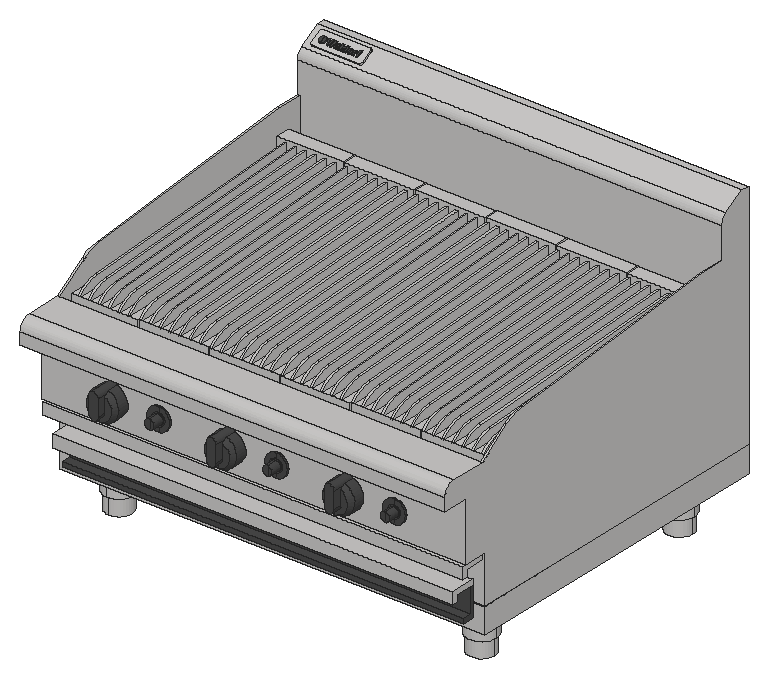
Revit family "QF_MOFFAT WALDORF_CH8900G-B", category Specialty Equipment, Revit 2012
Parameters
  Weight in Pounds = 0
  URL Cutsheet = "www.moffat.com"
  URL = "www.moffat.com"
  Type Mark [instance] = ""
  Status [instance] = ""
  Specification by User [instance] = ""
  Specification by Manufacturer = ""
  Show Logo [instance] = yes
  Serial Number = ""
  Seismic Rating = ""
  SMACNA No = ""
  Revision Code [instance] = ""
  Omniclass Number and Title = ""
  NAFEM Spec ID Number = ""
  Model = "CH8900G-B"
  Mechanical Remarks [instance] = ""
  Mechanical Connection Type [instance] = ""
  Masterspec = ""
  Manufacturer = "MOFFAT WALDORF"
  Item Number [instance] = ""
  Installed By [instance] = ""
  Identify Quantity as Lot [instance] = yes
  Gas Size = 3/4"
  Gas RI Height [instance] = 0 mm
  Gas KW [instance] = 27.7
  Gas Input [instance] = 94782.0 Btu/h
  Gas Connection Height = 0 mm
  Furnished By [instance] = ""
  Foodservice Equipment Identifier [instance] = yes
  Description = "CHARGRILL BENCH MOUNT"
  CSI MasterFormat = ""
  CSI Master Format = ""
  Body Finish = QF_Finishes_Stainless Steel
Reference planes
  plane 1 "BACK": y = 0
  plane 2: z = 0
  plane 3 "LEFT": x = 0
  plane 4 "RIGHT": x = 900
  plane 5 "FRONT": y = -805
  plane 6 "TOP": z = 630
  plane 7 "Center Y": x = 450
  plane 8 "Center X": y = -402.5
Forms (mm)
  Extrusion 1, solid, material "QF_Finishes_Stainless Steel" <- "Body Finish"
    sketch origin (0, 0, 0) x (0, 1, 0) y (0, 0, 1)
      loop
        line (-805, 391) -> (-805, 366) -> (-749, 366) -> (-749, 240) -> (-699, 240) -> (-699, 140) -> (0, 140) -> (0, 630) -> (-16.5, 630) -> (-58.709, 605.631)
        arc (-58.709, 605.631) -> (-66.975, 597.365) -> (-70, 586.074) r 22.582
        line (-70, 586.074) -> (-70, 375) -> (-705, 375) -> (-705, 415) -> (-781, 415)
        arc (-781, 415) -> (-797.971, 407.971) -> (-805, 391) r 24
      loop
        line (0, 85) -> (0, 139.206) -> (-699, 139.206) -> (-699, 85) -> (0, 85)
    from 0 to 900
  Revolve 2, solid, material "QF_Finishes_Stainless Steel" <- "Body Finish"
    sketch origin (424.5, -625, 0) x (1, 0, 0) y (0, 0, -1)
      loop
        line (378.25, -85) -> (410, -85) -> (410, 0) -> (382.5, 0) -> (382.5, -35) -> (378.25, -35) -> (378.25, -85)
      axis (410, -85) -> (410, 0)
    angle from 0 to 360
  Revolve 3, solid, material "QF_Finishes_Stainless Steel" <- "Body Finish"
    sketch origin (424.5, -100, 0) x (1, 0, 0) y (0, 0, -1)
      loop
        line (378.25, -85) -> (410, -85) -> (410, 0) -> (382.5, 0) -> (382.5, -35) -> (378.25, -35) -> (378.25, -85)
      axis (410, -85) -> (410, 0)
    angle from 0 to 360
  Revolve 4, solid, material "QF_Finishes_Stainless Steel" <- "Body Finish"
    sketch origin (65.5, -735, 0) x (0, 1, 0) y (0, 0, 1)
      loop
        line (78.25, 85) -> (78.25, 35) -> (82.5, 35) -> (82.5, 0) -> (110, 0) -> (110, 85) -> (78.25, 85)
      axis (110, 85) -> (110, 0)
    angle from 0 to 360
  Revolve 5, solid, material "QF_Finishes_Stainless Steel" <- "Body Finish"
    sketch origin (65.5, -210, 0) x (0, 1, 0) y (0, 0, 1)
      loop
        line (78.25, 85) -> (78.25, 35) -> (82.5, 35) -> (82.5, 0) -> (110, 0) -> (110, 85) -> (78.25, 85)
      axis (110, 85) -> (110, 0)
    angle from 0 to 360
  Extrusion 6, solid, material "QF_Finishes_Stainless Steel" <- "Body Finish"
    sketch origin (0, 0, 0) x (0, 1, 0) y (0, 0, 1)
      loop
        line (-121.455, 519.2) -> (-600.057, 473.116)
        arc (-600.057, 473.116) -> (-620.977, 468.81) -> (-640.506, 460.159) r 100
        line (-640.506, 460.159) -> (-705, 415) -> (-705, 375) -> (-70, 375) -> (-70, 519.2) -> (-121.455, 519.2)
    from 0 to 4.5
  Extrusion 7, solid, material "QF_Finishes_Stainless Steel" <- "Body Finish"
    sketch origin (900, 0, 0) x (0, 1, 0) y (0, 0, -1)
      loop
        line (-121.455, -519.2) -> (-70, -519.2) -> (-70, -375) -> (-705, -375) -> (-705, -415) -> (-640.506, -460.159)
        arc (-640.506, -460.159) -> (-620.977, -468.81) -> (-600.057, -473.116) r 100
        line (-600.057, -473.116) -> (-121.455, -519.2)
    from 0 to 3
  Revolve 8, solid, material "QF_Finishes_Black"
    sketch origin (158, 0, 0) x (0, 1, 0) y (0, 0, 1)
      loop
        line (-782, 329.5) -> (-793, 323.651) -> (-793, 297) -> (-749, 297) -> (-749, 302) -> (-759, 302) -> (-759, 329.5) -> (-782, 329.5)
      axis (-793, 297) -> (-749, 297)
    angle from 0 to 360
  Extrusion 9, solid, material "QF_Finishes_Black"
    sketch origin (19.888, 0, 0) x (1, 0, 0) y (0, 0, 1)
      loop
        line (148.3, 289) -> (148.3, 324)
        arc (148.3, 324) -> (138.3, 334) -> (128.3, 324) r 10
        line (128.3, 324) -> (128.3, 289)
        arc (128.3, 289) -> (138.3, 279) -> (148.3, 289) r 10
    from 759 to 808
  Revolve 10, solid, material "QF_Finishes_Black"
    sketch origin (408.244, 0, 0) x (0, 1, 0) y (0, 0, -1)
      loop
        line (-782, -329.5) -> (-759, -329.5) -> (-759, -302) -> (-749, -302) -> (-749, -297) -> (-793, -297) -> (-793, -323.651) -> (-782, -329.5)
      axis (-793, -297) -> (-749, -297)
    angle from 0 to 360
  Extrusion 11, solid, material "QF_Finishes_Black"
    sketch origin (396.356, 0, 0) x (-1, 0, 0) y (0, 0, -1)
      loop
        arc (-1.7, -289) -> (-11.7, -279) -> (-21.7, -289) r 10
        line (-21.7, -289) -> (-21.7, -324)
        arc (-21.7, -324) -> (-11.7, -334) -> (-1.7, -324) r 10
        line (-1.7, -324) -> (-1.7, -289)
    from 759 to 808
  Revolve 12, solid, material "QF_Finishes_Black"
    sketch origin (258.187, 0, 0) x (0, 1, 0) y (0, 0, 1)
      loop
        line (-759, 302) -> (-759, 321) -> (-761.705, 321) -> (-761.705, 309.85) -> (-762.85, 309.85) -> (-762.85, 306.825) -> (-784.88, 306.825) -> (-784.88, 297) -> (-749, 297) -> (-749, 302) -> (-759, 302)
      axis (-749, 297) -> (-784.88, 297)
    angle from 0 to 360
  Revolve 13, solid, material "QF_Finishes_Black"
    sketch origin (508, 0, 0) x (0, 1, 0) y (0, 0, 1)
      loop
        line (-759, 302) -> (-759, 321) -> (-761.705, 321) -> (-761.705, 309.85) -> (-762.85, 309.85) -> (-762.85, 306.825) -> (-784.88, 306.825) -> (-784.88, 297) -> (-749, 297) -> (-749, 302) -> (-759, 302)
      axis (-749, 297) -> (-784.88, 297)
    angle from 0 to 360
  Extrusion 14, solid, material "QF_Finishes_Stainless Steel"
    sketch origin (276, 0, 0) x (0, 1, 0) y (0, 0, 1)
      loop
        line (-132, 410.364) -> (-132, 462.849) -> (-630.852, 432.53)
        arc (-630.852, 432.53) -> (-656.098, 425.97) -> (-677, 410.364) r 67.81
        line (-677, 410.364) -> (-132, 410.364)
    from 0 to 4.5
  Extrusion 15, solid, material "QF_Finishes_Stainless Steel"
    sketch origin (255, 0, 0) x (0, 1, 0) y (0, 0, 1)
      loop
        line (-132, 410.364) -> (-132, 462.849) -> (-630.852, 432.53)
        arc (-630.852, 432.53) -> (-656.098, 425.97) -> (-677, 410.364) r 67.81
        line (-677, 410.364) -> (-132, 410.364)
    from 0 to 4.5
  Extrusion 16, solid, material "QF_Finishes_Stainless Steel"
    sketch origin (234, 0, 0) x (0, 1, 0) y (0, 0, 1)
      loop
        line (-132, 410.364) -> (-132, 462.849) -> (-630.852, 432.53)
        arc (-630.852, 432.53) -> (-656.098, 425.97) -> (-677, 410.364) r 67.81
        line (-677, 410.364) -> (-132, 410.364)
    from 0 to 4.5
  Extrusion 17, solid, material "QF_Finishes_Stainless Steel"
    sketch origin (213, 0, 0) x (0, 1, 0) y (0, 0, 1)
      loop
        line (-132, 410.364) -> (-132, 462.849) -> (-630.852, 432.53)
        arc (-630.852, 432.53) -> (-656.098, 425.97) -> (-677, 410.364) r 67.81
        line (-677, 410.364) -> (-132, 410.364)
    from 0 to 4.5
  Extrusion 18, solid, material "QF_Finishes_Stainless Steel"
    sketch origin (192, 0, 0) x (0, 1, 0) y (0, 0, 1)
      loop
        line (-132, 410.364) -> (-132, 462.849) -> (-630.852, 432.53)
        arc (-630.852, 432.53) -> (-656.098, 425.97) -> (-677, 410.364) r 67.81
        line (-677, 410.364) -> (-132, 410.364)
    from 0 to 4.5
  Extrusion 19, solid, material "QF_Finishes_Stainless Steel"
    sketch origin (171, 0, 0) x (0, 1, 0) y (0, 0, 1)
      loop
        line (-132, 410.364) -> (-132, 462.849) -> (-630.852, 432.53)
        arc (-630.852, 432.53) -> (-656.098, 425.97) -> (-677, 410.364) r 67.81
        line (-677, 410.364) -> (-132, 410.364)
    from 0 to 4.5
  Extrusion 20, solid, material "QF_Finishes_Stainless Steel"
    sketch origin (150, 0, 0) x (0, 1, 0) y (0, 0, 1)
      loop
        line (-132, 410.364) -> (-132, 462.849) -> (-630.852, 432.53)
        arc (-630.852, 432.53) -> (-656.098, 425.97) -> (-677, 410.364) r 67.81
        line (-677, 410.364) -> (-132, 410.364)
    from 0 to 4.5
  Extrusion 21, solid, material "QF_Finishes_Stainless Steel"
    sketch origin (126, 0, 0) x (0, 1, 0) y (0, 0, 1)
      loop
        line (-132, 410.364) -> (-132, 462.849) -> (-630.852, 432.53)
        arc (-630.852, 432.53) -> (-656.098, 425.97) -> (-677, 410.364) r 67.81
        line (-677, 410.364) -> (-132, 410.364)
    from 0 to 4.5
  Extrusion 22, solid, material "QF_Finishes_Stainless Steel"
    sketch origin (105, 0, 0) x (0, 1, 0) y (0, 0, 1)
      loop
        line (-132, 410.364) -> (-132, 462.849) -> (-630.852, 432.53)
        arc (-630.852, 432.53) -> (-656.098, 425.97) -> (-677, 410.364) r 67.81
        line (-677, 410.364) -> (-132, 410.364)
    from 0 to 4.5
  Extrusion 23, solid, material "QF_Finishes_Stainless Steel"
    sketch origin (84, 0, 0) x (0, 1, 0) y (0, 0, 1)
      loop
        line (-132, 410.364) -> (-132, 462.849) -> (-630.852, 432.53)
        arc (-630.852, 432.53) -> (-656.098, 425.97) -> (-677, 410.364) r 67.81
        line (-677, 410.364) -> (-132, 410.364)
    from 0 to 4.5
  Extrusion 24, solid, material "QF_Finishes_Stainless Steel"
    sketch origin (63, 0, 0) x (0, 1, 0) y (0, 0, 1)
      loop
        line (-132, 410.364) -> (-132, 462.849) -> (-630.852, 432.53)
        arc (-630.852, 432.53) -> (-656.098, 425.97) -> (-677, 410.364) r 67.81
        line (-677, 410.364) -> (-132, 410.364)
    from 0 to 4.5
  Extrusion 25, solid, material "QF_Finishes_Stainless Steel"
    sketch origin (42, 0, 0) x (0, 1, 0) y (0, 0, 1)
      loop
        line (-132, 410.364) -> (-132, 462.849) -> (-630.852, 432.53)
        arc (-630.852, 432.53) -> (-656.098, 425.97) -> (-677, 410.364) r 67.81
        line (-677, 410.364) -> (-132, 410.364)
    from 0 to 4.5
  Extrusion 26, solid, material "QF_Finishes_Stainless Steel"
    sketch origin (21, 0, 0) x (0, 1, 0) y (0, 0, 1)
      loop
        line (-132, 410.364) -> (-132, 462.849) -> (-630.852, 432.53)
        arc (-630.852, 432.53) -> (-656.098, 425.97) -> (-677, 410.364) r 67.81
        line (-677, 410.364) -> (-132, 410.364)
    from 0 to 4.5
  Extrusion 27, solid, material "QF_Finishes_Stainless Steel"
    sketch origin (426, 0, 0) x (0, 1, 0) y (0, 0, 1)
      loop
        line (-132, 410.364) -> (-132, 462.849) -> (-630.852, 432.53)
        arc (-630.852, 432.53) -> (-656.098, 425.97) -> (-677, 410.364) r 67.81
        line (-677, 410.364) -> (-132, 410.364)
    from 0 to 4.5
  Extrusion 28, solid, material "QF_Finishes_Stainless Steel"
    sketch origin (405, 0, 0) x (0, 1, 0) y (0, 0, 1)
      loop
        line (-132, 410.364) -> (-132, 462.849) -> (-630.852, 432.53)
        arc (-630.852, 432.53) -> (-656.098, 425.97) -> (-677, 410.364) r 67.81
        line (-677, 410.364) -> (-132, 410.364)
    from 0 to 4.5
  Extrusion 29, solid, material "QF_Finishes_Stainless Steel"
    sketch origin (384, 0, 0) x (0, 1, 0) y (0, 0, 1)
      loop
        line (-132, 410.364) -> (-132, 462.849) -> (-630.852, 432.53)
        arc (-630.852, 432.53) -> (-656.098, 425.97) -> (-677, 410.364) r 67.81
        line (-677, 410.364) -> (-132, 410.364)
    from 0 to 4.5
  Extrusion 30, solid, material "QF_Finishes_Stainless Steel"
    sketch origin (363, 0, 0) x (0, 1, 0) y (0, 0, 1)
      loop
        line (-132, 410.364) -> (-132, 462.849) -> (-630.852, 432.53)
        arc (-630.852, 432.53) -> (-656.098, 425.97) -> (-677, 410.364) r 67.81
        line (-677, 410.364) -> (-132, 410.364)
    from 0 to 4.5
  Extrusion 31, solid, material "QF_Finishes_Stainless Steel"
    sketch origin (342, 0, 0) x (0, 1, 0) y (0, 0, 1)
      loop
        line (-132, 410.364) -> (-132, 462.849) -> (-630.852, 432.53)
        arc (-630.852, 432.53) -> (-656.098, 425.97) -> (-677, 410.364) r 67.81
        line (-677, 410.364) -> (-132, 410.364)
    from 0 to 4.5
  Extrusion 32, solid, material "QF_Finishes_Stainless Steel"
    sketch origin (321, 0, 0) x (0, 1, 0) y (0, 0, 1)
      loop
        line (-132, 410.364) -> (-132, 462.849) -> (-630.852, 432.53)
        arc (-630.852, 432.53) -> (-656.098, 425.97) -> (-677, 410.364) r 67.81
        line (-677, 410.364) -> (-132, 410.364)
    from 0 to 4.5
  Extrusion 33, solid, material "QF_Finishes_Stainless Steel"
    sketch origin (300, 0, 0) x (0, 1, 0) y (0, 0, 1)
      loop
        line (-132, 410.364) -> (-132, 462.849) -> (-630.852, 432.53)
        arc (-630.852, 432.53) -> (-656.098, 425.97) -> (-677, 410.364) r 67.81
        line (-677, 410.364) -> (-132, 410.364)
    from 0 to 4.5
  Extrusion 34, solid, material "QF_Finishes_Stainless Steel"
    sketch origin (576, 0, 0) x (0, 1, 0) y (0, 0, 1)
      loop
        line (-132, 410.364) -> (-132, 462.849) -> (-630.852, 432.53)
        arc (-630.852, 432.53) -> (-656.098, 425.97) -> (-677, 410.364) r 67.81
        line (-677, 410.364) -> (-132, 410.364)
    from 0 to 4.5
  Extrusion 35, solid, material "QF_Finishes_Stainless Steel"
    sketch origin (555, 0, 0) x (0, 1, 0) y (0, 0, 1)
      loop
        line (-132, 410.364) -> (-132, 462.849) -> (-630.852, 432.53)
        arc (-630.852, 432.53) -> (-656.098, 425.97) -> (-677, 410.364) r 67.81
        line (-677, 410.364) -> (-132, 410.364)
    from 0 to 4.5
  Extrusion 36, solid, material "QF_Finishes_Stainless Steel"
    sketch origin (534, 0, 0) x (0, 1, 0) y (0, 0, 1)
      loop
        line (-132, 410.364) -> (-132, 462.849) -> (-630.852, 432.53)
        arc (-630.852, 432.53) -> (-656.098, 425.97) -> (-677, 410.364) r 67.81
        line (-677, 410.364) -> (-132, 410.364)
    from 0 to 4.5
  Extrusion 37, solid, material "QF_Finishes_Stainless Steel"
    sketch origin (513, 0, 0) x (0, 1, 0) y (0, 0, 1)
      loop
        line (-132, 410.364) -> (-132, 462.849) -> (-630.852, 432.53)
        arc (-630.852, 432.53) -> (-656.098, 425.97) -> (-677, 410.364) r 67.81
        line (-677, 410.364) -> (-132, 410.364)
    from 0 to 4.5
  Extrusion 38, solid, material "QF_Finishes_Stainless Steel"
    sketch origin (492, 0, 0) x (0, 1, 0) y (0, 0, 1)
      loop
        line (-132, 410.364) -> (-132, 462.849) -> (-630.852, 432.53)
        arc (-630.852, 432.53) -> (-656.098, 425.97) -> (-677, 410.364) r 67.81
        line (-677, 410.364) -> (-132, 410.364)
    from 0 to 4.5
  Extrusion 39, solid, material "QF_Finishes_Stainless Steel"
    sketch origin (471, 0, 0) x (0, 1, 0) y (0, 0, 1)
      loop
        line (-132, 410.364) -> (-132, 462.849) -> (-630.852, 432.53)
        arc (-630.852, 432.53) -> (-656.098, 425.97) -> (-677, 410.364) r 67.81
        line (-677, 410.364) -> (-132, 410.364)
    from 0 to 4.5
  Extrusion 40, solid, material "QF_Finishes_Stainless Steel"
    sketch origin (450, 0, 0) x (0, 1, 0) y (0, 0, 1)
      loop
        line (-132, 410.364) -> (-132, 462.849) -> (-630.852, 432.53)
        arc (-630.852, 432.53) -> (-656.098, 425.97) -> (-677, 410.364) r 67.81
        line (-677, 410.364) -> (-132, 410.364)
    from 0 to 4.5
  Extrusion 41, solid, material "QF_Finishes_Stainless Steel"
    sketch origin (1, 3, -500) x (1, 0, 0) y (0, 1, 0)
      loop
        circle (215, -35) r 13.5
    from 555 to 585
  Extrusion 42, solid, material "QF_Finishes_Black"
    sketch origin (1, 0, 0) x (0, 1, 0) y (0, 0, 1)
      loop
        line (-704, 171.797) -> (-704, 118.047) -> (-724, 118.047) -> (-724, 108.047) -> (-685.346, 108.047) -> (-685.346, 171.797) -> (-704, 171.797)
    from 24.12 to 874.007
  Extrusion 43, solid, material "QF_Finishes_Stainless Steel"
    sketch origin (0, 0, 0) x (0, 1, 0) y (0, 0, 1)
      loop
        line (-751.27, 211.219) -> (-741.27, 211.219) -> (-741.27, 226.219) -> (-699, 226.219) -> (-699, 236.219) -> (-751.27, 236.219) -> (-751.27, 211.219)
    from 5.013 to 895
  Extrusion 44, solid, material "QF_Finishes_Stainless Steel"
    sketch origin (0, 0, -54.422) x (0, 1, 0) y (0, 0, 1)
      loop
        line (-751.27, 211.219) -> (-741.27, 211.219) -> (-741.27, 226.219) -> (-685.346, 226.219) -> (-685.346, 236.219) -> (-751.27, 236.219) -> (-751.27, 211.219)
    from 25.12 to 875.007
  Extrusion 45, solid, material "QF_Finishes_Stainless Steel"
    sketch origin (0, 0, 0) x (0, 1, 0) y (0, 0, 1)
      loop
        line (-132, 410.364) -> (-677, 410.364) -> (-677, 375) -> (-102, 375) -> (-102, 470) -> (-132, 470) -> (-132, 410.364)
    from 4.5 to 147
  Extrusion 46, solid, material "QF_Finishes_Stainless Steel"
    sketch origin (145.5, 0, 0) x (0, 1, 0) y (0, 0, 1)
      loop
        line (-132, 410.364) -> (-677, 410.364) -> (-677, 375) -> (-102, 375) -> (-102, 470) -> (-132, 470) -> (-132, 410.364)
    from 4.5 to 151.5
  Extrusion 47, solid, material "QF_Finishes_Stainless Steel"
    sketch origin (295.5, 0, 0) x (0, 1, 0) y (0, 0, 1)
      loop
        line (-132, 410.364) -> (-677, 410.364) -> (-677, 375) -> (-102, 375) -> (-102, 470) -> (-132, 470) -> (-132, 410.364)
    from 4.5 to 151.5
  Extrusion 48, solid, material "QF_Finishes_Stainless Steel"
    sketch origin (445.5, 0, 0) x (0, 1, 0) y (0, 0, 1)
      loop
        line (-132, 410.364) -> (-677, 410.364) -> (-677, 375) -> (-102, 375) -> (-102, 470) -> (-132, 470) -> (-132, 410.364)
    from 4.5 to 151.5
  Extrusion 49, solid, material "QF_Finishes_Stainless Steel"
    sketch origin (726, 0, 0) x (0, 1, 0) y (0, 0, 1)
      loop
        line (-132, 410.364) -> (-132, 462.849) -> (-630.852, 432.53)
        arc (-630.852, 432.53) -> (-656.098, 425.97) -> (-677, 410.364) r 67.81
        line (-677, 410.364) -> (-132, 410.364)
    from 0 to 4.5
  Extrusion 50, solid, material "QF_Finishes_Stainless Steel"
    sketch origin (705, 0, 0) x (0, 1, 0) y (0, 0, 1)
      loop
        line (-132, 410.364) -> (-132, 462.849) -> (-630.852, 432.53)
        arc (-630.852, 432.53) -> (-656.098, 425.97) -> (-677, 410.364) r 67.81
        line (-677, 410.364) -> (-132, 410.364)
    from 0 to 4.5
  Extrusion 51, solid, material "QF_Finishes_Stainless Steel"
    sketch origin (684, 0, 0) x (0, 1, 0) y (0, 0, 1)
      loop
        line (-132, 410.364) -> (-132, 462.849) -> (-630.852, 432.53)
        arc (-630.852, 432.53) -> (-656.098, 425.97) -> (-677, 410.364) r 67.81
        line (-677, 410.364) -> (-132, 410.364)
    from 0 to 4.5
  Extrusion 52, solid, material "QF_Finishes_Stainless Steel"
    sketch origin (663, 0, 0) x (0, 1, 0) y (0, 0, 1)
      loop
        line (-132, 410.364) -> (-132, 462.849) -> (-630.852, 432.53)
        arc (-630.852, 432.53) -> (-656.098, 425.97) -> (-677, 410.364) r 67.81
        line (-677, 410.364) -> (-132, 410.364)
    from 0 to 4.5
  Extrusion 53, solid, material "QF_Finishes_Stainless Steel"
    sketch origin (642, 0, 0) x (0, 1, 0) y (0, 0, 1)
      loop
        line (-132, 410.364) -> (-132, 462.849) -> (-630.852, 432.53)
        arc (-630.852, 432.53) -> (-656.098, 425.97) -> (-677, 410.364) r 67.81
        line (-677, 410.364) -> (-132, 410.364)
    from 0 to 4.5
  Extrusion 54, solid, material "QF_Finishes_Stainless Steel"
    sketch origin (621, 0, 0) x (0, 1, 0) y (0, 0, 1)
      loop
        line (-132, 410.364) -> (-132, 462.849) -> (-630.852, 432.53)
        arc (-630.852, 432.53) -> (-656.098, 425.97) -> (-677, 410.364) r 67.81
        line (-677, 410.364) -> (-132, 410.364)
    from 0 to 4.5
  Extrusion 55, solid, material "QF_Finishes_Stainless Steel"
    sketch origin (600, 0, 0) x (0, 1, 0) y (0, 0, 1)
      loop
        line (-132, 410.364) -> (-132, 462.849) -> (-630.852, 432.53)
        arc (-630.852, 432.53) -> (-656.098, 425.97) -> (-677, 410.364) r 67.81
        line (-677, 410.364) -> (-132, 410.364)
    from 0 to 4.5
  Extrusion 56, solid, material "QF_Finishes_Stainless Steel"
    sketch origin (595.5, 0, 0) x (0, 1, 0) y (0, 0, 1)
      loop
        line (-132, 410.364) -> (-677, 410.364) -> (-677, 375) -> (-102, 375) -> (-102, 470) -> (-132, 470) -> (-132, 410.364)
    from 4.5 to 151.5
  Extrusion 57, solid, material "QF_Finishes_Stainless Steel"
    sketch origin (876, 0, 0) x (0, 1, 0) y (0, 0, 1)
      loop
        line (-132, 410.364) -> (-132, 462.849) -> (-630.852, 432.53)
        arc (-630.852, 432.53) -> (-656.098, 425.97) -> (-677, 410.364) r 67.81
        line (-677, 410.364) -> (-132, 410.364)
    from 0 to 4.5
  Extrusion 58, solid, material "QF_Finishes_Stainless Steel"
    sketch origin (855, 0, 0) x (0, 1, 0) y (0, 0, 1)
      loop
        line (-132, 410.364) -> (-132, 462.849) -> (-630.852, 432.53)
        arc (-630.852, 432.53) -> (-656.098, 425.97) -> (-677, 410.364) r 67.81
        line (-677, 410.364) -> (-132, 410.364)
    from 0 to 4.5
  Extrusion 59, solid, material "QF_Finishes_Stainless Steel"
    sketch origin (834, 0, 0) x (0, 1, 0) y (0, 0, 1)
      loop
        line (-132, 410.364) -> (-132, 462.849) -> (-630.852, 432.53)
        arc (-630.852, 432.53) -> (-656.098, 425.97) -> (-677, 410.364) r 67.81
        line (-677, 410.364) -> (-132, 410.364)
    from 0 to 4.5
  Extrusion 60, solid, material "QF_Finishes_Stainless Steel"
    sketch origin (813, 0, 0) x (0, 1, 0) y (0, 0, 1)
      loop
        line (-132, 410.364) -> (-132, 462.849) -> (-630.852, 432.53)
        arc (-630.852, 432.53) -> (-656.098, 425.97) -> (-677, 410.364) r 67.81
        line (-677, 410.364) -> (-132, 410.364)
    from 0 to 4.5
  Extrusion 61, solid, material "QF_Finishes_Stainless Steel"
    sketch origin (792, 0, 0) x (0, 1, 0) y (0, 0, 1)
      loop
        line (-132, 410.364) -> (-132, 462.849) -> (-630.852, 432.53)
        arc (-630.852, 432.53) -> (-656.098, 425.97) -> (-677, 410.364) r 67.81
        line (-677, 410.364) -> (-132, 410.364)
    from 0 to 4.5
  Extrusion 62, solid, material "QF_Finishes_Stainless Steel"
    sketch origin (771, 0, 0) x (0, 1, 0) y (0, 0, 1)
      loop
        line (-132, 410.364) -> (-132, 462.849) -> (-630.852, 432.53)
        arc (-630.852, 432.53) -> (-656.098, 425.97) -> (-677, 410.364) r 67.81
        line (-677, 410.364) -> (-132, 410.364)
    from 0 to 4.5
  Extrusion 63, solid, material "QF_Finishes_Stainless Steel"
    sketch origin (750, 0, 0) x (0, 1, 0) y (0, 0, 1)
      loop
        line (-132, 410.364) -> (-132, 462.849) -> (-630.852, 432.53)
        arc (-630.852, 432.53) -> (-656.098, 425.97) -> (-677, 410.364) r 67.81
        line (-677, 410.364) -> (-132, 410.364)
    from 0 to 4.5
  Extrusion 64, solid, material "QF_Finishes_Stainless Steel"
    sketch origin (745.5, 0, 0) x (0, 1, 0) y (0, 0, 1)
      loop
        line (-132, 410.364) -> (-677, 410.364) -> (-677, 375) -> (-102, 375) -> (-102, 470) -> (-132, 470) -> (-132, 410.364)
    from 4.5 to 151.5
  Revolve 65, solid, material "QF_Finishes_Black"
    sketch origin (658.244, 0, 0) x (0, 1, 0) y (0, 0, -1)
      loop
        line (-782, -329.5) -> (-759, -329.5) -> (-759, -302) -> (-749, -302) -> (-749, -297) -> (-793, -297) -> (-793, -323.651) -> (-782, -329.5)
      axis (-793, -297) -> (-749, -297)
    angle from 0 to 360
  Extrusion 66, solid, material "QF_Finishes_Black"
    sketch origin (646.356, 0, 0) x (-1, 0, 0) y (0, 0, -1)
      loop
        arc (-1.7, -289) -> (-11.7, -279) -> (-21.7, -289) r 10
        line (-21.7, -289) -> (-21.7, -324)
        arc (-21.7, -324) -> (-11.7, -334) -> (-1.7, -324) r 10
        line (-1.7, -324) -> (-1.7, -289)
    from 759 to 808
  Revolve 67, solid, material "QF_Finishes_Black"
    sketch origin (758, 0, 0) x (0, 1, 0) y (0, 0, 1)
      loop
        line (-759, 302) -> (-759, 321) -> (-761.705, 321) -> (-761.705, 309.85) -> (-762.85, 309.85) -> (-762.85, 306.825) -> (-784.88, 306.825) -> (-784.88, 297) -> (-749, 297) -> (-749, 302) -> (-759, 302)
      axis (-749, 297) -> (-784.88, 297)
    angle from 0 to 360
Cuts and joins
  joined: Revolve 8, Extrusion 9
  joined: Revolve 10, Extrusion 11
  joined: Extrusion 1, Extrusion 6, Extrusion 7
Lines and regions (mm)
  Split face 1
    outline origin (0, -16.5, 630) x (0, -0.866025, -0.5) y (1, 0, 0)
      loop
        line (1.962, 129.583) -> (34.599, 129.583) -> (34.599, 149.583) -> (1.962, 149.583) -> (1.962, 129.583)
  Split face 2
    outline origin (0, -16.5, 630) x (0, -0.866025, -0.5) y (1, 0, 0)
      loop
        line (34.599, 156.5) -> (34.599, 176.5) -> (1.962, 176.5) -> (1.962, 156.5) -> (34.599, 156.5)
  Split face 3
    outline origin (0, -16.5, 630) x (0, -0.866025, -0.5) y (1, 0, 0)
      loop
        line (34.599, 203.5) -> (1.962, 203.5) -> (1.962, 183.5) -> (34.599, 183.5) -> (34.599, 203.5)
  Split face 4
    outline origin (0, -16.5, 630) x (0, -0.866025, -0.5) y (1, 0, 0)
      loop
        line (34.599, 230.5) -> (1.962, 230.5) -> (1.962, 210.5) -> (34.599, 210.5) -> (34.599, 230.5)
  Split face 5
    outline origin (0, -16.5, 630) x (0, -0.866025, -0.5) y (1, 0, 0)
      loop
        line (34.599, 257.5) -> (1.962, 257.5) -> (1.962, 237.5) -> (34.599, 237.5) -> (34.599, 257.5)
  Split face 6
    outline origin (0, -16.5, 630) x (0, -0.866025, -0.5) y (1, 0, 0)
      loop
        line (34.599, 264.5) -> (34.599, 284.5) -> (1.962, 284.5) -> (1.962, 264.5) -> (34.599, 264.5)
  Split face 7
    outline origin (0, -16.5, 630) x (0, -0.866025, -0.5) y (1, 0, 0)
      loop
        line (34.599, 311.5) -> (1.962, 311.5) -> (1.962, 291.5) -> (34.599, 291.5) -> (34.599, 311.5)
  Split face 8
    outline origin (0, -16.5, 630) x (0, -0.866025, -0.5) y (1, 0, 0)
      loop
        line (1.962, 338.5) -> (1.962, 318.5) -> (34.599, 318.5) -> (34.599, 338.5) -> (1.962, 338.5)
  Split face 9
    outline origin (0, -16.5, 630) x (0, -0.866025, -0.5) y (1, 0, 0)
      loop
        line (1.962, 345.5) -> (34.599, 345.5) -> (34.599, 365.5) -> (1.962, 365.5) -> (1.962, 345.5)
  Split face 10
    outline origin (0, -16.5, 630) x (0, -0.866025, -0.5) y (1, 0, 0)
      loop
        line (34.599, 372.579) -> (34.599, 392.579) -> (1.962, 392.579) -> (1.962, 372.579) -> (34.599, 372.579)
  Split face 11
    outline origin (0, -16.5, 630) x (0, -0.866025, -0.5) y (1, 0, 0)
      loop
        line (34.599, 399.534) -> (34.599, 419.534) -> (1.962, 419.534) -> (1.962, 399.534) -> (34.599, 399.534)
  Split face 12
    outline origin (900, -699, 240) x (-1, 0, 0) y (0, 0, -1)
      loop
        line (874.88, 98.75) -> (24.993, 98.75) -> (24.993, 1.25) -> (874.88, 1.25) -> (874.88, 98.75)
  Split face 13
    outline origin (27, -16.5, 630) x (0, -0.866025, -0.5) y (1, 0, 0)
      loop
        line (34.599, 399.534) -> (34.599, 419.534) -> (1.962, 419.534) -> (1.962, 399.534) -> (34.599, 399.534)
  Split face 14
    outline origin (54, -16.5, 630) x (0, -0.866025, -0.5) y (1, 0, 0)
      loop
        line (34.599, 399.534) -> (34.599, 419.534) -> (1.962, 419.534) -> (1.962, 399.534) -> (34.599, 399.534)
  Split face 15
    outline origin (81, -16.5, 630) x (0, -0.866025, -0.5) y (1, 0, 0)
      loop
        line (34.599, 399.534) -> (34.599, 419.534) -> (1.962, 419.534) -> (1.962, 399.534) -> (34.599, 399.534)
  Split face 16
    outline origin (108, -16.5, 630) x (0, -0.866025, -0.5) y (1, 0, 0)
      loop
        line (34.599, 399.534) -> (34.599, 419.534) -> (1.962, 419.534) -> (1.962, 399.534) -> (34.599, 399.534)
  Split face 17
    outline origin (135, -16.5, 630) x (0, -0.866025, -0.5) y (1, 0, 0)
      loop
        line (34.599, 399.534) -> (34.599, 419.534) -> (1.962, 419.534) -> (1.962, 399.534) -> (34.599, 399.534)
  Split face 18
    outline origin (162, -16.5, 630) x (0, -0.866025, -0.5) y (1, 0, 0)
      loop
        line (34.599, 399.534) -> (34.599, 419.534) -> (1.962, 419.534) -> (1.962, 399.534) -> (34.599, 399.534)
  Split face 19
    outline origin (189, -16.5, 630) x (0, -0.866025, -0.5) y (1, 0, 0)
      loop
        line (34.599, 399.534) -> (34.599, 419.534) -> (1.962, 419.534) -> (1.962, 399.534) -> (34.599, 399.534)
  Split face 20
    outline origin (216, -16.5, 630) x (0, -0.866025, -0.5) y (1, 0, 0)
      loop
        line (34.599, 399.534) -> (34.599, 419.534) -> (1.962, 419.534) -> (1.962, 399.534) -> (34.599, 399.534)
  Split face 21
    outline origin (243, -16.5, 630) x (0, -0.866025, -0.5) y (1, 0, 0)
      loop
        line (34.599, 399.534) -> (34.599, 419.534) -> (1.962, 419.534) -> (1.962, 399.534) -> (34.599, 399.534)
  Split face 22
    outline origin (270, -16.5, 630) x (0, -0.866025, -0.5) y (1, 0, 0)
      loop
        line (34.599, 399.534) -> (34.599, 419.534) -> (1.962, 419.534) -> (1.962, 399.534) -> (34.599, 399.534)
  Split face 23
    outline origin (297, -16.5, 630) x (0, -0.866025, -0.5) y (1, 0, 0)
      loop
        line (34.599, 399.534) -> (34.599, 419.534) -> (1.962, 419.534) -> (1.962, 399.534) -> (34.599, 399.534)
  Split face 24
    outline origin (324, -16.5, 630) x (0, -0.866025, -0.5) y (1, 0, 0)
      loop
        line (34.599, 399.534) -> (34.599, 419.534) -> (1.962, 419.534) -> (1.962, 399.534) -> (34.599, 399.534)
  Split face 25
    outline origin (351, -16.5, 630) x (0, -0.866025, -0.5) y (1, 0, 0)
      loop
        line (34.599, 399.534) -> (34.599, 419.534) -> (1.962, 419.534) -> (1.962, 399.534) -> (34.599, 399.534)
  symbolic lines
    curve 1: line (0, 0, 0) -> (0, -805, 0)
    curve 2: line (900, 0, 0) -> (0, 0, 0)
    curve 3: line (900, -805, 0) -> (900, 0, 0)
    curve 4: line (0, -70, 0) -> (900, -70, 0)
    curve 5: line (0, -805, 0) -> (900, -805, 0)
    curve 6: line (12.5, -51.234, 0) -> (12.5, -20.958, 0)
    curve 7: line (12.5, -20.958, 0) -> (121.5, -20.958, 0)
    curve 8: line (12.5, -51.234, 0) -> (121.5, -51.234, 0)
    curve 9: line (121.5, -20.958, 0) -> (121.5, -51.234, 0)
    curve 10: line (129.583, -22.262, 0) -> (129.583, -50.526, 0)
    curve 11: line (129.583, -50.526, 0) -> (149.583, -50.526, 0)
    curve 12: line (149.583, -50.526, 0) -> (149.583, -22.262, 0)
    curve 13: line (149.583, -22.262, 0) -> (129.583, -22.262, 0)
    curve 14: line (156.5, -22.262, 0) -> (156.5, -50.526, 0)
    curve 15: line (156.5, -50.526, 0) -> (176.5, -50.526, 0)
    curve 16: line (176.5, -50.526, 0) -> (176.5, -22.262, 0)
    curve 17: line (176.5, -22.262, 0) -> (156.5, -22.262, 0)
    curve 18: line (183.5, -22.262, 0) -> (183.5, -50.526, 0)
    curve 19: line (183.5, -50.526, 0) -> (203.5, -50.526, 0)
    curve 20: line (203.5, -50.526, 0) -> (203.5, -22.262, 0)
    curve 21: line (203.5, -22.262, 0) -> (183.5, -22.262, 0)
    curve 22: line (210.5, -22.262, 0) -> (210.5, -50.526, 0)
    curve 23: line (210.5, -50.526, 0) -> (230.5, -50.526, 0)
    curve 24: line (230.5, -50.526, 0) -> (230.5, -22.262, 0)
    curve 25: line (230.5, -22.262, 0) -> (210.5, -22.262, 0)
    curve 26: line (237.5, -22.262, 0) -> (237.5, -50.526, 0)
    curve 27: line (237.5, -50.526, 0) -> (257.5, -50.526, 0)
    curve 28: line (257.5, -50.526, 0) -> (257.5, -22.262, 0)
    curve 29: line (257.5, -22.262, 0) -> (237.5, -22.262, 0)
    curve 30: line (264.5, -22.262, 0) -> (264.5, -50.526, 0)
    curve 31: line (264.5, -50.526, 0) -> (284.5, -50.526, 0)
    curve 32: line (284.5, -50.526, 0) -> (284.5, -22.262, 0)
    curve 33: line (284.5, -22.262, 0) -> (264.5, -22.262, 0)
    curve 34: line (291.5, -22.262, 0) -> (291.5, -50.526, 0)
    curve 35: line (291.5, -50.526, 0) -> (311.5, -50.526, 0)
    curve 36: line (311.5, -50.526, 0) -> (311.5, -22.262, 0)
    curve 37: line (311.5, -22.262, 0) -> (291.5, -22.262, 0)
    curve 38: line (318.5, -22.262, 0) -> (318.5, -50.526, 0)
    curve 39: line (318.5, -50.526, 0) -> (338.5, -50.526, 0)
    curve 40: line (338.5, -50.526, 0) -> (338.5, -22.262, 0)
    curve 41: line (338.5, -22.262, 0) -> (318.5, -22.262, 0)
    curve 42: line (345.5, -22.262, 0) -> (345.5, -50.526, 0)
    curve 43: line (345.5, -50.526, 0) -> (365.5, -50.526, 0)
    curve 44: line (365.5, -50.526, 0) -> (365.5, -22.262, 0)
    curve 45: line (365.5, -22.262, 0) -> (345.5, -22.262, 0)
    curve 46: line (372.5, -22.262, 0) -> (372.5, -50.526, 0)
    curve 47: line (372.5, -50.526, 0) -> (392.5, -50.526, 0)
    curve 48: line (392.5, -50.526, 0) -> (392.5, -22.262, 0)
    curve 49: line (392.5, -22.262, 0) -> (372.5, -22.262, 0)
    curve 50: line (399.5, -22.262, 0) -> (399.5, -50.526, 0)
    curve 51: line (399.5, -50.526, 0) -> (419.5, -50.526, 0)
    curve 52: line (419.5, -50.526, 0) -> (419.5, -22.262, 0)
    curve 53: line (419.5, -22.262, 0) -> (399.5, -22.262, 0)
    curve 54: line (426.5, -22.262, 0) -> (426.5, -50.526, 0)
    curve 55: line (426.5, -50.526, 0) -> (446.5, -50.526, 0)
    curve 56: line (446.5, -50.526, 0) -> (446.5, -22.262, 0)
    curve 57: line (446.5, -22.262, 0) -> (426.5, -22.262, 0)
    curve 58: line (453.5, -22.262, 0) -> (453.5, -50.526, 0)
    curve 59: line (453.5, -50.526, 0) -> (473.5, -50.526, 0)
    curve 60: line (473.5, -50.526, 0) -> (473.5, -22.262, 0)
    curve 61: line (473.5, -22.262, 0) -> (453.5, -22.262, 0)
    curve 62: line (900, -705, 0) -> (0, -705, 0)
    curve 63: line (4.5, -705, 0) -> (4.5, -70, 0)
    curve 64: line (897, -70, 0) -> (897, -705, 0)
    curve 65: line (480.5, -22.262, 0) -> (480.5, -50.526, 0)
    curve 66: line (480.5, -50.526, 0) -> (500.5, -50.526, 0)
    curve 67: line (500.5, -50.526, 0) -> (500.5, -22.262, 0)
    curve 68: line (500.5, -22.262, 0) -> (480.5, -22.262, 0)
    curve 69: line (507.5, -22.262, 0) -> (507.5, -50.526, 0)
    curve 70: line (507.5, -50.526, 0) -> (527.5, -50.526, 0)
    curve 71: line (527.5, -50.526, 0) -> (527.5, -22.262, 0)
    curve 72: line (527.5, -22.262, 0) -> (507.5, -22.262, 0)
    curve 73: line (534.5, -22.262, 0) -> (534.5, -50.526, 0)
    curve 74: line (534.5, -50.526, 0) -> (554.5, -50.526, 0)
    curve 75: line (554.5, -50.526, 0) -> (554.5, -22.262, 0)
    curve 76: line (554.5, -22.262, 0) -> (534.5, -22.262, 0)
    curve 77: line (561.5, -22.262, 0) -> (561.5, -50.526, 0)
    curve 78: line (561.5, -50.526, 0) -> (581.5, -50.526, 0)
    curve 79: line (581.5, -50.526, 0) -> (581.5, -22.262, 0)
    curve 80: line (581.5, -22.262, 0) -> (561.5, -22.262, 0)
    curve 81: line (588.5, -22.262, 0) -> (588.5, -50.526, 0)
    curve 82: line (588.5, -50.526, 0) -> (608.5, -50.526, 0)
    curve 83: line (608.5, -50.526, 0) -> (608.5, -22.262, 0)
    curve 84: line (608.5, -22.262, 0) -> (588.5, -22.262, 0)
    curve 85: line (615.5, -22.262, 0) -> (615.5, -50.526, 0)
    curve 86: line (615.5, -50.526, 0) -> (635.5, -50.526, 0)
    curve 87: line (635.5, -50.526, 0) -> (635.5, -22.262, 0)
    curve 88: line (635.5, -22.262, 0) -> (615.5, -22.262, 0)
    curve 89: line (642.5, -22.262, 0) -> (642.5, -50.526, 0)
    curve 90: line (642.5, -50.526, 0) -> (662.5, -50.526, 0)
    curve 91: line (662.5, -50.526, 0) -> (662.5, -22.262, 0)
    curve 92: line (662.5, -22.262, 0) -> (642.5, -22.262, 0)
    curve 93: line (669.5, -22.262, 0) -> (669.5, -50.526, 0)
    curve 94: line (669.5, -50.526, 0) -> (689.5, -50.526, 0)
    curve 95: line (689.5, -50.526, 0) -> (689.5, -22.262, 0)
    curve 96: line (689.5, -22.262, 0) -> (669.5, -22.262, 0)
    curve 97: line (696.5, -22.262, 0) -> (696.5, -50.526, 0)
    curve 98: line (696.5, -50.526, 0) -> (716.5, -50.526, 0)
    curve 99: line (716.5, -50.526, 0) -> (716.5, -22.262, 0)
    curve 100: line (716.5, -22.262, 0) -> (696.5, -22.262, 0)
    curve 101: line (723.5, -22.262, 0) -> (723.5, -50.526, 0)
    curve 102: line (723.5, -50.526, 0) -> (743.5, -50.526, 0)
    curve 103: line (743.5, -50.526, 0) -> (743.5, -22.262, 0)
    curve 104: line (743.5, -22.262, 0) -> (723.5, -22.262, 0)
    curve 105: line (750.5, -22.262, 0) -> (750.5, -50.526, 0)
    curve 106: line (750.5, -50.526, 0) -> (770.5, -50.526, 0)
    curve 107: line (770.5, -50.526, 0) -> (770.5, -22.262, 0)
    curve 108: line (770.5, -22.262, 0) -> (750.5, -22.262, 0)
Dimensions and locks
  equal spacing: plane 3 "LEFT", plane 7 "Center Y", plane 4 "RIGHT"
  plane 3 "LEFT" to plane 4 "RIGHT" = 900 mm
  equal spacing: plane 5 "FRONT", plane 8 "Center X", plane 1 "BACK"
  plane 5 "FRONT" to plane 1 "BACK" = 805 mm  (x2)
  equal spacing: plane 4 "RIGHT", plane 7 "Center Y", plane 3 "LEFT"
  plane 4 "RIGHT" to plane 3 "LEFT" = 900 mm
  plane 6 "TOP" to level = 630 mm  (x2)
  cut or joined group of Extrusion 1, Extrusion 6, Extrusion 7 to level = 415 mm
  Extrusion 41 to level = 55 mm
  Extrusion 41 to plane 1 "BACK" = 32 mm
  cut or joined group of Extrusion 1, Extrusion 6, Extrusion 7 to plane 1 "BACK" = 70 mm
  level to cut or joined group of Extrusion 1, Extrusion 6, Extrusion 7 = 85 mm
  locked: plane 3 "LEFT" to Extrusion 41 sketch curve at 216
  Revolve 2 sketch curve to Revolve 2 sketch curve to Revolve 2 sketch curve = 27.5 mm locked, 4.25 mm locked
  locked: Revolve 2 sketch curve to plane 4 "RIGHT" at 65.5
  Revolve 3 sketch curve to Revolve 3 sketch curve to Revolve 3 sketch curve = 4.25 mm locked, 27.5 mm locked
  locked: Revolve 3 sketch curve to plane 4 "RIGHT" at 65.5
  aligned and locked: level to plane 2
  aligned and locked: curve 3 to plane 4 "RIGHT"
  aligned and locked: Extrusion 42 to Extrusion 44
  aligned and locked: cut or joined group of Extrusion 1, Extrusion 6, Extrusion 7 to plane 4 "RIGHT"
  aligned and locked: Revolve 2 sketch curve to Revolve 2 sketch curve
  aligned and locked: Revolve 3 sketch curve to Revolve 3 sketch curve
Automatic sketch dimensions
  plane 1 "BACK" to curve 1 = 0 mm
  curve 1 to plane 3 "LEFT" = 0 mm
  plane 5 "FRONT" to curve 1 = 0 mm
  plane 3 "LEFT" to curve 63 = 4.5 mm
  plane 3 "LEFT" to curve 8 = 12.5 mm
  plane 1 "BACK" to curve 7 = 20.958 mm
  curve 6 to curve 7 = 109 mm
  curve 8 to curve 11 = 8.083 mm
  curve 10 to curve 13 = 20 mm
  curve 11 to curve 15 = 6.917 mm
  curve 14 to curve 15 = 20 mm
  curve 15 to curve 19 = 7 mm
  curve 18 to curve 21 = 20 mm
  curve 19 to curve 23 = 7 mm
  curve 22 to curve 25 = 20 mm
  curve 23 to curve 27 = 7 mm
  curve 26 to curve 29 = 20 mm
  curve 28 to curve 33 = 7 mm
  curve 30 to curve 31 = 20 mm
  curve 31 to curve 35 = 7 mm
  curve 34 to curve 35 = 20 mm
  curve 35 to curve 38 = 7 mm
  curve 38 to curve 41 = 20 mm
  curve 40 to curve 45 = 7 mm
  curve 42 to curve 43 = 20 mm
  curve 43 to curve 47 = 7 mm
  curve 46 to curve 47 = 20 mm
  curve 47 to curve 51 = 7 mm
  curve 50 to curve 51 = 20 mm
  curve 51 to curve 55 = 7 mm
  curve 55 to plane 7 "Center Y" = 3.5 mm
  plane 7 "Center Y" to curve 58 = 3.5 mm
  curve 58 to curve 59 = 20 mm
  curve 59 to curve 65 = 7 mm
  curve 65 to curve 68 = 20 mm
  curve 66 to curve 69 = 7 mm
  curve 69 to curve 71 = 20 mm
  curve 70 to curve 74 = 7 mm
  curve 73 to curve 74 = 20 mm
  curve 74 to curve 78 = 7 mm
  curve 77 to curve 79 = 20 mm
  curve 78 to curve 81 = 7 mm
  curve 81 to curve 82 = 20 mm
  curve 83 to curve 88 = 7 mm
  curve 85 to curve 87 = 20 mm
  curve 87 to curve 89 = 7 mm
  curve 89 to curve 91 = 20 mm
  curve 90 to curve 93 = 7 mm
  curve 93 to curve 95 = 20 mm
  curve 94 to curve 98 = 7 mm
  curve 97 to curve 99 = 20 mm
  curve 98 to curve 101 = 7 mm
  curve 101 to curve 104 = 20 mm
  curve 102 to curve 105 = 7 mm
  curve 105 to curve 106 = 20 mm
  plane 4 "RIGHT" to curve 64 = 3 mm
  curve 62 to plane 5 "FRONT" = 100 mm
  plane 1 "BACK" to curve 4 = 70 mm
  curve 9 to curve 7 = 30.277 mm
  plane 1 "BACK" to curve 101 = 50.526 mm
  curve 102 to curve 105 = 0 mm
  curve 99 to curve 101 = 0 mm  (x2)
  curve 8 to curve 10 = 0.709 mm
  curve 95 to curve 97 = 0 mm  (x2)
  curve 11 to curve 14 = 0 mm
  curve 91 to curve 93 = 0 mm  (x2)
  curve 15 to curve 18 = 0 mm
  curve 87 to curve 89 = 0 mm  (x2)
  curve 19 to curve 22 = 0 mm
  curve 83 to curve 85 = 0 mm  (x2)
  curve 23 to curve 26 = 0 mm
  curve 79 to curve 81 = 0 mm  (x2)
  curve 27 to curve 30 = 0 mm
  curve 75 to curve 77 = 0 mm  (x2)
  curve 31 to curve 34 = 0 mm
  curve 71 to curve 73 = 0 mm  (x2)
  curve 35 to curve 38 = 0 mm
  curve 67 to curve 69 = 0 mm  (x2)
  curve 39 to curve 42 = 0 mm
  curve 43 to curve 46 = 0 mm
  curve 47 to curve 50 = 0 mm
  curve 51 to curve 55 = 0 mm
  curve 60 to curve 65 = 0 mm  (x2)
  plane 1 "BACK" to curve 57 = 22.262 mm
  curve 56 to curve 58 = 0 mm
  plane 1 "BACK" to curve 108 = 22.262 mm
  plane 1 "BACK" to curve 53 = 22.262 mm
  plane 1 "BACK" to curve 49 = 22.262 mm
  plane 1 "BACK" to curve 45 = 22.262 mm
  plane 1 "BACK" to curve 41 = 22.262 mm
  plane 1 "BACK" to curve 37 = 22.262 mm
  plane 1 "BACK" to curve 33 = 22.262 mm
  plane 1 "BACK" to curve 29 = 22.262 mm
  plane 1 "BACK" to curve 25 = 22.262 mm
  plane 1 "BACK" to curve 21 = 22.262 mm
  plane 1 "BACK" to curve 17 = 22.262 mm
  curve 13 to curve 7 = 1.304 mm
  Extrusion 1 sketch curve to plane 5 "FRONT" = 0 mm
  Extrusion 1 sketch curve to plane 6 "TOP" = 0 mm
  Extrusion 1 sketch curve to plane 1 "BACK" = 0 mm  (x2)
  Extrusion 1 sketch curve to plane 5 "FRONT" = 24 mm
  Extrusion 1 sketch curve to plane 5 "FRONT" = 56 mm
  Extrusion 1 sketch curve to Extrusion 1 sketch curve = 44 mm
  Extrusion 1 sketch curve to plane 5 "FRONT" = 106 mm
  Extrusion 1 sketch curve to Extrusion 1 sketch curve = 0 mm
  plane 1 "BACK" to Extrusion 1 sketch curve = 70 mm
  Extrusion 1 sketch curve to plane 6 "TOP" = 24.369 mm
  Extrusion 1 sketch curve to Extrusion 1 sketch curve = 11.291 mm  (x2)
  Extrusion 1 sketch curve to Extrusion 1 sketch curve = 16.5 mm
  Extrusion 1 sketch curve to plane 6 "TOP" = 215 mm
  Extrusion 1 sketch curve to Extrusion 1 sketch curve = 211.074 mm
  Extrusion 1 sketch curve to Extrusion 1 sketch curve = 25 mm
  Extrusion 1 sketch curve to Extrusion 1 sketch curve = 135 mm
  level to Extrusion 1 sketch curve = 140 mm
  Extrusion 1 sketch curve to Extrusion 1 sketch curve = 0.794 mm
  Extrusion 1 sketch curve to Extrusion 1 sketch curve = 54.206 mm
  Revolve 2 sketch curve to level = 0 mm
  level to Revolve 2 sketch curve = 35 mm
  Revolve 2 sketch curve to Revolve 2 sketch curve = 15 mm
  Revolve 2 sketch curve to Revolve 2 sketch curve = 35 mm
  Revolve 2 sketch curve to Revolve 2 sketch curve = 55 mm
  Extrusion 1 to Split face 1 sketch curve = 1.962 mm
  Split face 1 sketch curve to Extrusion 1 = 14.14 mm
  Split face 1 sketch curve to Extrusion 1 = 129.583 mm
  Split face 1 sketch curve to Split face 1 sketch curve = 20 mm
  Extrusion 1 to Split face 2 sketch curve = 1.962 mm
  Split face 2 sketch curve to Extrusion 1 = 14.14 mm
  Split face 2 sketch curve to Extrusion 1 = 156.5 mm
  Split face 2 sketch curve to Split face 2 sketch curve = 20 mm
  Extrusion 1 to Split face 3 sketch curve = 1.962 mm
  Split face 3 sketch curve to Extrusion 1 = 14.14 mm
  Split face 3 sketch curve to Extrusion 1 = 183.5 mm
  Split face 3 sketch curve to Split face 3 sketch curve = 20 mm
  Extrusion 1 to Split face 4 sketch curve = 1.962 mm
  Split face 4 sketch curve to Extrusion 1 = 14.14 mm
  Split face 4 sketch curve to Extrusion 1 = 210.5 mm
  Split face 4 sketch curve to Split face 4 sketch curve = 20 mm
  Extrusion 1 to Split face 5 sketch curve = 1.962 mm
  Split face 5 sketch curve to Extrusion 1 = 14.14 mm
  Split face 5 sketch curve to Extrusion 1 = 237.5 mm
  Split face 5 sketch curve to Split face 5 sketch curve = 20 mm
  Extrusion 1 to Split face 6 sketch curve = 1.962 mm
  Split face 6 sketch curve to Extrusion 1 = 14.14 mm
  Split face 6 sketch curve to Extrusion 1 = 264.5 mm
  Split face 6 sketch curve to Split face 6 sketch curve = 20 mm
  Extrusion 1 to Split face 7 sketch curve = 1.962 mm
  Split face 7 sketch curve to Extrusion 1 = 14.14 mm
  Split face 7 sketch curve to Extrusion 1 = 291.5 mm
  Split face 7 sketch curve to Split face 7 sketch curve = 20 mm
  Extrusion 1 to Split face 8 sketch curve = 1.962 mm
  Split face 8 sketch curve to Extrusion 1 = 14.14 mm
  Split face 8 sketch curve to Extrusion 1 = 318.5 mm
  Split face 8 sketch curve to Split face 8 sketch curve = 20 mm
  Extrusion 1 to Split face 9 sketch curve = 1.962 mm
  Split face 9 sketch curve to Extrusion 1 = 14.14 mm
  Split face 9 sketch curve to Extrusion 1 = 345.5 mm
  Split face 9 sketch curve to Split face 9 sketch curve = 20 mm
  Extrusion 1 to Split face 10 sketch curve = 1.962 mm
  Split face 10 sketch curve to Extrusion 1 = 14.14 mm
  Split face 10 sketch curve to Extrusion 1 = 372.579 mm
  Split face 10 sketch curve to Split face 10 sketch curve = 20 mm
  Extrusion 1 to Split face 11 sketch curve = 1.962 mm
  Split face 11 sketch curve to Extrusion 1 = 14.14 mm
  Split face 11 sketch curve to Extrusion 1 = 399.534 mm
  Split face 11 sketch curve to Split face 11 sketch curve = 20 mm
  Revolve 3 sketch curve to level = 0 mm
  level to Revolve 3 sketch curve = 35 mm
  Revolve 3 sketch curve to Revolve 3 sketch curve = 15 mm
  Revolve 3 sketch curve to Revolve 3 sketch curve = 35 mm
  Revolve 3 sketch curve to Revolve 3 sketch curve = 55 mm
  Revolve 4 sketch curve to level = 0 mm
  level to Revolve 4 sketch curve = 35 mm
  Revolve 4 sketch curve to plane 5 "FRONT" = 148.25 mm
  Revolve 4 sketch curve to Revolve 4 sketch curve = 4.25 mm
  Revolve 4 sketch curve to Revolve 4 sketch curve = 27.5 mm  (x2)
  Revolve 4 sketch curve to Revolve 4 sketch curve = 55 mm
  Revolve 4 sketch curve to Revolve 4 sketch curve = 15 mm
  Revolve 4 sketch curve to Revolve 4 sketch curve = 35 mm
  Revolve 5 sketch curve to level = 0 mm
  level to Revolve 5 sketch curve = 35 mm
  plane 1 "BACK" to Revolve 5 sketch curve = 131.75 mm
  Revolve 5 sketch curve to Revolve 5 sketch curve = 4.25 mm
  Revolve 5 sketch curve to Revolve 5 sketch curve = 27.5 mm  (x2)
  Revolve 5 sketch curve to Revolve 5 sketch curve = 55 mm
  Revolve 5 sketch curve to Revolve 5 sketch curve = 15 mm
  Revolve 5 sketch curve to Revolve 5 sketch curve = 35 mm
  Extrusion 6 sketch curve to plane 5 "FRONT" = 100 mm
  Extrusion 6 sketch curve to Extrusion 6 sketch curve = 64.494 mm
  Extrusion 6 sketch curve to Extrusion 6 sketch curve = 40.449 mm
  Extrusion 6 sketch curve to Extrusion 6 sketch curve = 9.585 mm
  plane 1 "BACK" to Extrusion 6 sketch curve = 121.455 mm
  Extrusion 6 sketch curve to Extrusion 6 sketch curve = 51.455 mm
  Extrusion 6 sketch curve to plane 6 "TOP" = 256.424 mm
  Extrusion 6 sketch curve to Extrusion 6 sketch curve = 1.424 mm
  Extrusion 6 sketch curve to Extrusion 6 sketch curve = 40 mm
  Extrusion 6 sketch curve to Extrusion 6 sketch curve = 45.159 mm
  Extrusion 6 sketch curve to plane 6 "TOP" = 110.8 mm
  Extrusion 7 sketch curve to plane 5 "FRONT" = 100 mm
  Extrusion 7 sketch curve to Extrusion 7 sketch curve = 64.494 mm
  Extrusion 7 sketch curve to Extrusion 7 sketch curve = 40.449 mm
  Extrusion 7 sketch curve to Extrusion 7 sketch curve = 50.034 mm
  plane 1 "BACK" to Extrusion 7 sketch curve = 121.455 mm
  Extrusion 7 sketch curve to Extrusion 7 sketch curve = 51.455 mm
  Extrusion 7 sketch curve to plane 6 "TOP" = 110.8 mm
  Extrusion 7 sketch curve to plane 6 "TOP" = 156.884 mm
  Extrusion 7 sketch curve to Extrusion 7 sketch curve = 12.957 mm
  Extrusion 7 sketch curve to Extrusion 7 sketch curve = 45.159 mm
  Extrusion 7 sketch curve to Extrusion 7 sketch curve = 40 mm
  Revolve 8 sketch curve to plane 5 "FRONT" = 12 mm
  Revolve 8 sketch curve to Revolve 8 sketch curve = 0 mm  (x2)
  Revolve 8 sketch curve to Revolve 8 sketch curve = 11 mm
  Revolve 8 sketch curve to Revolve 8 sketch curve = 12.7 mm
  Revolve 8 sketch curve to Revolve 8 sketch curve = 23 mm
  Revolve 8 sketch curve to Revolve 8 sketch curve = 10 mm
  level to Revolve 8 sketch curve = 297 mm
  Revolve 8 sketch curve to Revolve 8 sketch curve = 5 mm
  Revolve 8 sketch curve to Revolve 8 sketch curve = 26.651 mm
  Revolve 8 sketch curve to Revolve 8 sketch curve = 5.849 mm
  plane 3 "LEFT" to Extrusion 9 sketch curve = 148.187 mm
  Extrusion 9 sketch curve to Extrusion 9 sketch curve = 10 mm
  level to Extrusion 9 sketch curve = 289 mm
  Extrusion 9 sketch curve to Extrusion 9 sketch curve = 35 mm
  Revolve 10 sketch curve to plane 5 "FRONT" = 12 mm
  Revolve 10 sketch curve to Revolve 10 sketch curve = 0 mm  (x2)
  Revolve 10 sketch curve to Revolve 10 sketch curve = 11 mm
  Revolve 10 sketch curve to Revolve 10 sketch curve = 12.7 mm
  Revolve 10 sketch curve to Revolve 10 sketch curve = 23 mm
  Revolve 10 sketch curve to Revolve 10 sketch curve = 10 mm
  Revolve 10 sketch curve to plane 6 "TOP" = 300.5 mm
  Revolve 10 sketch curve to Revolve 10 sketch curve = 5.849 mm
  Revolve 10 sketch curve to Revolve 10 sketch curve = 27.5 mm
  Revolve 10 sketch curve to Revolve 10 sketch curve = 5 mm
  Extrusion 11 sketch curve to plane 7 "Center Y" = 31.944 mm
  Extrusion 11 sketch curve to Extrusion 11 sketch curve = 10 mm
  Extrusion 11 sketch curve to plane 6 "TOP" = 306 mm
  Extrusion 11 sketch curve to Extrusion 11 sketch curve = 35 mm
  Revolve 12 sketch curve to plane 5 "FRONT" = 20.12 mm
  Revolve 12 sketch curve to Revolve 12 sketch curve = 6.83 mm
  Revolve 12 sketch curve to Revolve 12 sketch curve = 15.2 mm
  Revolve 12 sketch curve to Revolve 12 sketch curve = 1.144 mm
  Revolve 12 sketch curve to Revolve 12 sketch curve = 3.85 mm
  Revolve 12 sketch curve to Revolve 12 sketch curve = 0 mm  (x2)
  Revolve 12 sketch curve to Revolve 12 sketch curve = 10 mm
  level to Revolve 12 sketch curve = 297 mm
  Revolve 12 sketch curve to Revolve 12 sketch curve = 5 mm
  Revolve 12 sketch curve to Revolve 12 sketch curve = 4.825 mm
  Revolve 12 sketch curve to Revolve 12 sketch curve = 3.025 mm
  Revolve 12 sketch curve to Revolve 12 sketch curve = 11.15 mm
  Revolve 13 sketch curve to plane 5 "FRONT" = 20.12 mm
  Revolve 13 sketch curve to Revolve 13 sketch curve = 6.83 mm
  Revolve 13 sketch curve to Revolve 13 sketch curve = 15.2 mm
  Revolve 13 sketch curve to Revolve 13 sketch curve = 1.144 mm
  Revolve 13 sketch curve to Revolve 13 sketch curve = 3.85 mm
  Revolve 13 sketch curve to Revolve 13 sketch curve = 0 mm  (x2)
  Revolve 13 sketch curve to Revolve 13 sketch curve = 10 mm
  level to Revolve 13 sketch curve = 297 mm
  Revolve 13 sketch curve to Revolve 13 sketch curve = 5 mm
  Revolve 13 sketch curve to Revolve 13 sketch curve = 4.825 mm
  Revolve 13 sketch curve to Revolve 13 sketch curve = 3.025 mm
  Revolve 13 sketch curve to Revolve 13 sketch curve = 11.15 mm
  Extrusion 14 sketch curve to plane 5 "FRONT" = 128 mm
  Extrusion 14 sketch curve to Extrusion 14 sketch curve = 46.148 mm
  Extrusion 14 sketch curve to Extrusion 14 sketch curve = 4.114 mm
  plane 1 "BACK" to Extrusion 14 sketch curve = 132 mm
  Extrusion 14 sketch curve to plane 6 "TOP" = 265.155 mm
  Extrusion 14 sketch curve to plane 6 "TOP" = 219.636 mm
  Extrusion 14 sketch curve to Extrusion 14 sketch curve = 52.486 mm
  Extrusion 15 sketch curve to plane 5 "FRONT" = 128 mm
  Extrusion 15 sketch curve to Extrusion 15 sketch curve = 46.148 mm
  Extrusion 15 sketch curve to Extrusion 15 sketch curve = 50.262 mm
  plane 1 "BACK" to Extrusion 15 sketch curve = 132 mm
  Extrusion 15 sketch curve to plane 6 "TOP" = 265.155 mm
  Extrusion 15 sketch curve to plane 6 "TOP" = 219.636 mm
  Extrusion 15 sketch curve to Extrusion 15 sketch curve = 52.486 mm
  Extrusion 16 sketch curve to plane 5 "FRONT" = 128 mm
  Extrusion 16 sketch curve to Extrusion 16 sketch curve = 46.148 mm
  Extrusion 16 sketch curve to Extrusion 16 sketch curve = 50.262 mm
  plane 1 "BACK" to Extrusion 16 sketch curve = 132 mm
  Extrusion 16 sketch curve to plane 6 "TOP" = 265.155 mm
  Extrusion 16 sketch curve to plane 6 "TOP" = 219.636 mm
  Extrusion 16 sketch curve to Extrusion 16 sketch curve = 52.486 mm
  Extrusion 17 sketch curve to plane 5 "FRONT" = 128 mm
  Extrusion 17 sketch curve to Extrusion 17 sketch curve = 46.148 mm
  Extrusion 17 sketch curve to Extrusion 17 sketch curve = 50.262 mm
  plane 1 "BACK" to Extrusion 17 sketch curve = 132 mm
  Extrusion 17 sketch curve to plane 6 "TOP" = 265.155 mm
  Extrusion 17 sketch curve to plane 6 "TOP" = 219.636 mm
  Extrusion 17 sketch curve to Extrusion 17 sketch curve = 52.486 mm
  Extrusion 18 sketch curve to plane 5 "FRONT" = 128 mm
  Extrusion 18 sketch curve to Extrusion 18 sketch curve = 46.148 mm
  Extrusion 18 sketch curve to Extrusion 18 sketch curve = 50.262 mm
  plane 1 "BACK" to Extrusion 18 sketch curve = 132 mm
  Extrusion 18 sketch curve to plane 6 "TOP" = 265.155 mm
  Extrusion 18 sketch curve to plane 6 "TOP" = 219.636 mm
  Extrusion 18 sketch curve to Extrusion 18 sketch curve = 52.486 mm
  Extrusion 19 sketch curve to plane 5 "FRONT" = 128 mm
  Extrusion 19 sketch curve to Extrusion 19 sketch curve = 46.148 mm
  Extrusion 19 sketch curve to Extrusion 19 sketch curve = 4.114 mm
  plane 1 "BACK" to Extrusion 19 sketch curve = 132 mm
  Extrusion 19 sketch curve to plane 6 "TOP" = 265.155 mm
  Extrusion 19 sketch curve to plane 6 "TOP" = 219.636 mm
  Extrusion 19 sketch curve to Extrusion 19 sketch curve = 52.486 mm
  Extrusion 20 sketch curve to plane 5 "FRONT" = 128 mm
  Extrusion 20 sketch curve to Extrusion 20 sketch curve = 46.148 mm
  Extrusion 20 sketch curve to Extrusion 20 sketch curve = 4.114 mm
  plane 1 "BACK" to Extrusion 20 sketch curve = 132 mm
  Extrusion 20 sketch curve to plane 6 "TOP" = 265.155 mm
  Extrusion 20 sketch curve to plane 6 "TOP" = 219.636 mm
  Extrusion 20 sketch curve to Extrusion 20 sketch curve = 52.486 mm
  Extrusion 21 sketch curve to plane 5 "FRONT" = 128 mm
  Extrusion 21 sketch curve to Extrusion 21 sketch curve = 46.148 mm
  Extrusion 21 sketch curve to Extrusion 21 sketch curve = 50.262 mm
  plane 1 "BACK" to Extrusion 21 sketch curve = 132 mm
  Extrusion 21 sketch curve to plane 6 "TOP" = 265.155 mm
  Extrusion 21 sketch curve to plane 6 "TOP" = 219.636 mm
  Extrusion 21 sketch curve to Extrusion 21 sketch curve = 52.486 mm
  Extrusion 22 sketch curve to plane 5 "FRONT" = 128 mm
  Extrusion 22 sketch curve to Extrusion 22 sketch curve = 46.148 mm
  Extrusion 22 sketch curve to Extrusion 22 sketch curve = 50.262 mm
  plane 1 "BACK" to Extrusion 22 sketch curve = 132 mm
